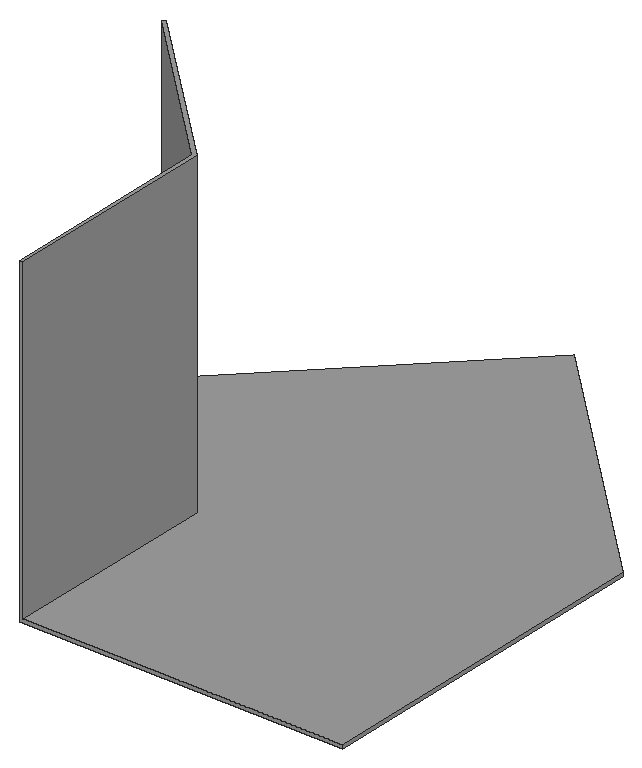
Revit family "672a708c-bf1c-42b1-8539-e4b6a10d9d8e", category Generic Models, Revit 2012
Parameters (values of type "As Specified")
  Unit Width = 0' - 10"
  Unit Height = 0' - 6"
  Unit Depth = 0' - 6"
  URL = "http://www.hyload.com/"
  Thickness = 0' - 0 1/16"
  Specification = "http://www.arcat.com/sdspecs/htm04/07_65_00hyl.htm"
  Sales Information = "http://www.hyload.com/contact-us"
  Revision = "R1_12-2015"
  Product Properties = "http://www.hyload.com/masonry-flashing/preformed-shapes/"
  Product Data = "http://www.arcat.com/arcatcos/cos33/arc33176.html"
  Model = "Outside Corner (135)"
  Manufacturer Website = "http://www.hyload.com/"
  Manufacturer Phone - Toll Free = "800-457-4056"
  Manufacturer Phone = "330-769-3546"
  Manufacturer Fax = "330-769-4153"
  Manufacturer Address = "5020 Panther Pkwy., Seville, OH 44273"
  Manufacturer = "Hyload"
  Keynote = "07 65 00"
  Flashing Material = Hyload Flashing Membrane - Grey
  Drawn By = "Robert S. Weygant / Sumex Design"
  Description = "Preformed Hyload Masonry Flashing - Outside Corner (135)"
  Copyright = "(c) ARCAT, Inc, 2015"
  Construction Details = "http://www.arcat.com/details/hyload/hyload.html?coid=33176"
  Assembly Code = "B3010400"
Reference planes (in)
  plane 1 "Center (Front/Back)": y = 0
  plane 2: z = 0
  plane 3 "Center (Left/Right)": x = 0
  plane 4: z = 6
  plane 5: y = -4
  plane 6: through (1.41421, 7.07107, 48) normal (0.7071, -0.7071, 0)
Forms (in)
  Sweep 1, solid, material "Hyload Flashing Membrane - Grey" <- "Flashing Material"
    path origin (0, 0, 0) x (1, 0, 0) y (0, 1, 0)
      loop
        line (0, -4) -> (0, 0) -> (-2.82843, 2.82843)
    profile origin (0, -2, 0) x (-1, 0, 0) y (0, 0, 1)
      loop
        line (0, 0) -> (0, 6) -> (-0.0625, 6) -> (-0.0625, 0.0625) -> (-6, 0.0625) -> (-6, 0) -> (0, 0)
Dimensions and locks (in)
  "Thickness": Sweep 1 sketch curve to plane 3 "Center (Left/Right)"
  "Thickness": Sweep 1 sketch curve to level
  "Unit Height": plane 4 to level
  locked: Sweep 1 sketch curve to plane 6 at 4
  locked: plane 5 to plane 6 (angle 45.00°)
  aligned and locked: plane 2 to level
  aligned and locked: plane 3 "Center (Left/Right)" to Sweep 1 sketch curve
  aligned and locked: Sweep 1 sketch curve to level
  aligned and locked: plane 4 to Sweep 1 sketch curve
  aligned and locked: plane 5 to Sweep 1 sketch curve
  aligned and locked: plane 6 to Sweep 1 sketch curve
Automatic sketch dimensions
  Sweep 1 sketch curve to profile plane = 0' - 0"
  Sweep 1 sketch curve to Sweep 1 sketch curve = 0' - 5 15/16"
  Sweep 1 sketch curve to plane 1 "Center (Front/Back)" = 0' - 2.82843"
